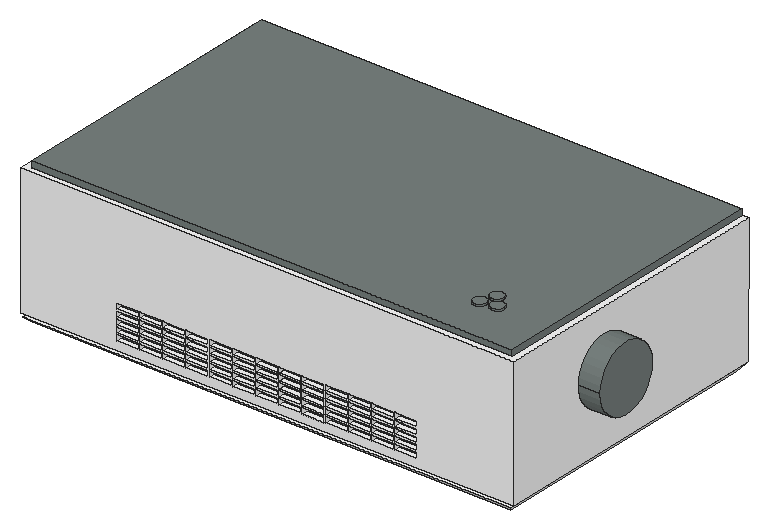
Revit family "AM 300 HHBDE", category Mechanical Equipment, Revit 2019
Family settings
  Round Connector Dimension = Use Diameter
  Part Type = Normal
  OmniClass Number = 23.75.00.00
  OmniClass Title = Climate Control (HVAC)
  Work Plane-Based = No
  Always vertical = Yes
  Cut with Voids When Loaded = No
  Shared = No
  Room Calculation Point = No
Parameters
  Weight (Standard Unit) = 85  # constant formula
  Water Heating [instance] = yes
  Water Heater Surface Return = 15 mm  # constant formula
  Water Heater Surface IN = 15 mm  # constant formula
  Version number = "1.0"
  URL = "www.airmaster-as.com"
  Total Width = 1180 mm  # constant formula
  Total Hight = 344 mm  # constant formula
  T-C Duct Supply = 187 mm  # constant formula
  T-C Duct Exhaust = 187 mm  # constant formula
  Suply Air In = 160 mm  # constant formula
  R-C Duct Supply = 133 mm  # constant formula
  Publication date = "01.05.2023"
  Phase 1 - Max Power Consumption = "1175 W"
  Phase 1 - Max Current = "7,97 A"
  Nominal current, electrical preheating surface = "4,35 A"
  Nominal current, electrical comfort heating surface = "2,17 A"
  Nominal current, air handling unit = "1,45 A"
  Network Conection = "AWG 24 CAT 5e STP"
  Model = "AM 300 HHBDE"
  Max. flow rate 35 dB(A) with ePM10 80% filters = 240.00 m³  # constant formula
  Max. flow rate 35 dB(A) with ePM10 55% filters = 270.00 m³  # constant formula
  Max. flow rate 35 dB(A) with ePM10 50% filters = 275.00 m³  # constant formula
  Max. flow rate 30 dB(A) with ePM10 80% filters = 180.00 m³  # constant formula
  Max. flow rate 30 dB(A) with ePM10 55% filters = 205.00 m³  # constant formula
  Max. flow rate 30 dB(A) with ePM10 50% filters = 210.00 m³  # constant formula
  Manufacturer = "Airmaster A/S"
  Maintenance [instance] = no
  L-C Duct Exhaust = 133 mm  # constant formula
  Extract air = 160 mm
  Exhaust Air = 160 mm  # constant formula
  Total Depth = 703 mm  # constant formula
  Electrical connection = "1 ~ 230 V / N / PE / 50 Hz"
  Drawn By = "LSB"
  Data Sheet = "https://www.airmaster-as.com/media/4938/15583-am300-en-rev-04.pdf"
  Condensate = 6 mm  # constant formula
  BMS Panel = "(PTS) 2x2x0,6"
  BMS Out = "(PTS) 2x2x0,6"
  BMS IN = "(PTS) 2x2x0,6"
  Airlow area [instance] = no
Reference planes
  plane 1 "Center (Front/Back)": y = 0
  plane 2: z = 0
  plane 3 "Center (Left/Right)": x = 0
  plane 4 "Center L/S": y = -703
  plane 5 "Center L/T": x = -590
  plane 6 "Center L/U": x = 590
  plane 7 "TOP": z = 344
  plane 8 "Center L/V": x = -575
  plane 9 "Center L/W": y = -688
  plane 10 "Center L/X": x = 575
  plane 11 "Panel Buttom": z = 20.747
  plane 12 "Panel Top": z = 330.347
  plane 13 "Hatch": z = 14.5
Forms (mm)
  Extrusion 1, solid, material "AM Grey"
    sketch origin (0, 0, 0) x (1, 0, 0) y (0, 1, 0)
      loop
        line (-575, 0) -> (-575, -688) -> (575, -688) -> (575, 0) -> (-575, 0)
    from 14.5 to 344
  Extrusion 2, solid, material "AM White"
    sketch origin (794.5, -1524, 20.747) x (0, -1, 0) y (-1, 0, 0)
      loop
        line (-1524, 1384.5) -> (-1524, 1369.5) -> (-836, 1369.5) -> (-836, 219.5) -> (-1524, 219.5) -> (-1524, 204.5) -> (-821, 204.5) -> (-821, 1384.5) -> (-1524, 1384.5)
    from 0 to -309.6
  Blend 3, solid, material "AM White"
    base sketch origin (-790.646, -1524, 14.5) x (0, -1, 0) y (1, 0, 0)
      loop
        line (-821, 207.613) -> (-821, 1373.657) -> (-1524, 1373.657) -> (-1524, 207.613) -> (-821, 207.613)
    top sketch origin (-790.646, -1524, 14.5) x (0, -1, 0) y (1, 0, 0)
      loop
        line (-836, 218.963) -> (-836, 1362.646) -> (-1509.161, 1362.646) -> (-1509.161, 218.963) -> (-836, 218.963)
    from 0 to -14.5
  Extrusion 4, solid, material "AM Grey"
    sketch origin (-575, 0, 0) x (1, 0, 0) y (0, 0, -1)
      loop
        circle (1032, -157) r 80
    from 0 to 18.45
  Extrusion 5, solid, material "AM Grey"
    sketch origin (-785, 0, 0) x (1, 0, 0) y (0, 0, -1)
      loop
        circle (328, -157) r 80
    from 0 to 18.45
  Extrusion 6, solid, material "Maintenece", visible <- "Maintenance"
    sketch origin (-790.646, -1524, 0) x (1, 0, 0) y (0, -1, 0)
      loop
        line (200.646, -1524) -> (1380.646, -1524) -> (1380.646, -821) -> (200.646, -821) -> (200.646, -1524)
    from 0 to 1200
  Extrusion 7, solid, material "AM Grey"
    sketch origin (0, 0, 344) x (1, 0, 0) y (0, 1, 0)
      loop
        circle (428.027, -549.273) r 15.55
    from 0 to 3
  Extrusion 8, solid, material "AM Grey"
    sketch origin (0, 0, 344) x (1, 0, 0) y (0, 1, 0)
      loop
        circle (452.132, -578.023) r 15.55
    from 0 to 3
  Extrusion 9, solid, material "AM Grey"
    sketch origin (0, 0, 344) x (1, 0, 0) y (0, 1, 0)
      loop
        circle (415.201, -584.535) r 15.55
    from 0 to 3
  Extrusion 10, void
    sketch origin (590, -703, 24.45) x (1, 0, 0) y (0, 0, -1)
      loop
        line (-950, -98.297) -> (-897.385, -98.297) -> (-897.385, -84.297) -> (-950, -84.297) -> (-950, -98.297)
      loop
        line (-950, -81.297) -> (-897.385, -81.297) -> (-897.385, -67.297) -> (-950, -67.297) -> (-950, -81.297)
      loop
        line (-950, -64.297) -> (-897.385, -64.297) -> (-897.385, -50.297) -> (-950, -50.297) -> (-950, -64.297)
      loop
        line (-950, -47.297) -> (-897.385, -47.297) -> (-897.385, -33.297) -> (-950, -33.297) -> (-950, -47.297)
      loop
        line (-950, -30.297) -> (-897.385, -30.297) -> (-897.385, -16.297) -> (-950, -16.297) -> (-950, -30.297)
      loop
        line (-894.385, -98.297) -> (-841.769, -98.297) -> (-841.769, -84.297) -> (-894.385, -84.297) -> (-894.385, -98.297)
      loop
        line (-894.385, -81.297) -> (-841.769, -81.297) -> (-841.769, -67.297) -> (-894.385, -67.297) -> (-894.385, -81.297)
      loop
        line (-894.385, -64.297) -> (-841.769, -64.297) -> (-841.769, -50.297) -> (-894.385, -50.297) -> (-894.385, -64.297)
      loop
        line (-894.385, -47.297) -> (-841.769, -47.297) -> (-841.769, -33.297) -> (-894.385, -33.297) -> (-894.385, -47.297)
      loop
        line (-894.385, -30.297) -> (-841.769, -30.297) -> (-841.769, -16.297) -> (-894.385, -16.297) -> (-894.385, -30.297)
      loop
        line (-838.769, -98.297) -> (-786.154, -98.297) -> (-786.154, -84.297) -> (-838.769, -84.297) -> (-838.769, -98.297)
      loop
        line (-838.769, -81.297) -> (-786.154, -81.297) -> (-786.154, -67.297) -> (-838.769, -67.297) -> (-838.769, -81.297)
      loop
        line (-838.769, -64.297) -> (-786.154, -64.297) -> (-786.154, -50.297) -> (-838.769, -50.297) -> (-838.769, -64.297)
      loop
        line (-838.769, -47.297) -> (-786.154, -47.297) -> (-786.154, -33.297) -> (-838.769, -33.297) -> (-838.769, -47.297)
      loop
        line (-838.769, -30.297) -> (-786.154, -30.297) -> (-786.154, -16.297) -> (-838.769, -16.297) -> (-838.769, -30.297)
      loop
        line (-783.154, -98.297) -> (-730.538, -98.297) -> (-730.538, -84.297) -> (-783.154, -84.297) -> (-783.154, -98.297)
      loop
        line (-783.154, -81.297) -> (-730.538, -81.297) -> (-730.538, -67.297) -> (-783.154, -67.297) -> (-783.154, -81.297)
      loop
        line (-783.154, -64.297) -> (-730.538, -64.297) -> (-730.538, -50.297) -> (-783.154, -50.297) -> (-783.154, -64.297)
      loop
        line (-783.154, -47.297) -> (-730.538, -47.297) -> (-730.538, -33.297) -> (-783.154, -33.297) -> (-783.154, -47.297)
      loop
        line (-783.154, -30.297) -> (-730.538, -30.297) -> (-730.538, -16.297) -> (-783.154, -16.297) -> (-783.154, -30.297)
      loop
        line (-727.538, -98.297) -> (-674.923, -98.297) -> (-674.923, -84.297) -> (-727.538, -84.297) -> (-727.538, -98.297)
      loop
        line (-727.538, -81.297) -> (-674.923, -81.297) -> (-674.923, -67.297) -> (-727.538, -67.297) -> (-727.538, -81.297)
      loop
        line (-727.538, -64.297) -> (-674.923, -64.297) -> (-674.923, -50.297) -> (-727.538, -50.297) -> (-727.538, -64.297)
      loop
        line (-727.538, -47.297) -> (-674.923, -47.297) -> (-674.923, -33.297) -> (-727.538, -33.297) -> (-727.538, -47.297)
      loop
        line (-727.538, -30.297) -> (-674.923, -30.297) -> (-674.923, -16.297) -> (-727.538, -16.297) -> (-727.538, -30.297)
      loop
        line (-671.923, -98.297) -> (-619.308, -98.297) -> (-619.308, -84.297) -> (-671.923, -84.297) -> (-671.923, -98.297)
      loop
        line (-671.923, -81.297) -> (-619.308, -81.297) -> (-619.308, -67.297) -> (-671.923, -67.297) -> (-671.923, -81.297)
      loop
        line (-671.923, -64.297) -> (-619.308, -64.297) -> (-619.308, -50.297) -> (-671.923, -50.297) -> (-671.923, -64.297)
      loop
        line (-671.923, -47.297) -> (-619.308, -47.297) -> (-619.308, -33.297) -> (-671.923, -33.297) -> (-671.923, -47.297)
      loop
        line (-671.923, -30.297) -> (-619.308, -30.297) -> (-619.308, -16.297) -> (-671.923, -16.297) -> (-671.923, -30.297)
      loop
        line (-616.308, -98.297) -> (-563.692, -98.297) -> (-563.692, -84.297) -> (-616.308, -84.297) -> (-616.308, -98.297)
      loop
        line (-616.308, -81.297) -> (-563.692, -81.297) -> (-563.692, -67.297) -> (-616.308, -67.297) -> (-616.308, -81.297)
      loop
        line (-616.308, -64.297) -> (-563.692, -64.297) -> (-563.692, -50.297) -> (-616.308, -50.297) -> (-616.308, -64.297)
      loop
        line (-616.308, -47.297) -> (-563.692, -47.297) -> (-563.692, -33.297) -> (-616.308, -33.297) -> (-616.308, -47.297)
      loop
        line (-616.308, -30.297) -> (-563.692, -30.297) -> (-563.692, -16.297) -> (-616.308, -16.297) -> (-616.308, -30.297)
      loop
        line (-560.692, -98.297) -> (-508.077, -98.297) -> (-508.077, -84.297) -> (-560.692, -84.297) -> (-560.692, -98.297)
      loop
        line (-560.692, -81.297) -> (-508.077, -81.297) -> (-508.077, -67.297) -> (-560.692, -67.297) -> (-560.692, -81.297)
      loop
        line (-560.692, -64.297) -> (-508.077, -64.297) -> (-508.077, -50.297) -> (-560.692, -50.297) -> (-560.692, -64.297)
      loop
        line (-560.692, -47.297) -> (-508.077, -47.297) -> (-508.077, -33.297) -> (-560.692, -33.297) -> (-560.692, -47.297)
      loop
        line (-560.692, -30.297) -> (-508.077, -30.297) -> (-508.077, -16.297) -> (-560.692, -16.297) -> (-560.692, -30.297)
      loop
        line (-505.077, -98.297) -> (-452.462, -98.297) -> (-452.462, -84.297) -> (-505.077, -84.297) -> (-505.077, -98.297)
      loop
        line (-505.077, -81.297) -> (-452.462, -81.297) -> (-452.462, -67.297) -> (-505.077, -67.297) -> (-505.077, -81.297)
      loop
        line (-505.077, -64.297) -> (-452.462, -64.297) -> (-452.462, -50.297) -> (-505.077, -50.297) -> (-505.077, -64.297)
      loop
        line (-505.077, -47.297) -> (-452.462, -47.297) -> (-452.462, -33.297) -> (-505.077, -33.297) -> (-505.077, -47.297)
      loop
        line (-505.077, -30.297) -> (-452.462, -30.297) -> (-452.462, -16.297) -> (-505.077, -16.297) -> (-505.077, -30.297)
      loop
        line (-449.462, -98.297) -> (-396.846, -98.297) -> (-396.846, -84.297) -> (-449.462, -84.297) -> (-449.462, -98.297)
      loop
        line (-449.462, -81.297) -> (-396.846, -81.297) -> (-396.846, -67.297) -> (-449.462, -67.297) -> (-449.462, -81.297)
      loop
        line (-449.462, -64.297) -> (-396.846, -64.297) -> (-396.846, -50.297) -> (-449.462, -50.297) -> (-449.462, -64.297)
      loop
        line (-449.462, -47.297) -> (-396.846, -47.297) -> (-396.846, -33.297) -> (-449.462, -33.297) -> (-449.462, -47.297)
      loop
        line (-449.462, -30.297) -> (-396.846, -30.297) -> (-396.846, -16.297) -> (-449.462, -16.297) -> (-449.462, -30.297)
      loop
        line (-393.846, -98.297) -> (-341.231, -98.297) -> (-341.231, -84.297) -> (-393.846, -84.297) -> (-393.846, -98.297)
      loop
        line (-393.846, -81.297) -> (-341.231, -81.297) -> (-341.231, -67.297) -> (-393.846, -67.297) -> (-393.846, -81.297)
      loop
        line (-393.846, -64.297) -> (-341.231, -64.297) -> (-341.231, -50.297) -> (-393.846, -50.297) -> (-393.846, -64.297)
      loop
        line (-393.846, -47.297) -> (-341.231, -47.297) -> (-341.231, -33.297) -> (-393.846, -33.297) -> (-393.846, -47.297)
      loop
        line (-393.846, -30.297) -> (-341.231, -30.297) -> (-341.231, -16.297) -> (-393.846, -16.297) -> (-393.846, -30.297)
      loop
        line (-338.231, -98.297) -> (-285.615, -98.297) -> (-285.615, -84.297) -> (-338.231, -84.297) -> (-338.231, -98.297)
      loop
        line (-338.231, -81.297) -> (-285.615, -81.297) -> (-285.615, -67.297) -> (-338.231, -67.297) -> (-338.231, -81.297)
      loop
        line (-338.231, -64.297) -> (-285.615, -64.297) -> (-285.615, -50.297) -> (-338.231, -50.297) -> (-338.231, -64.297)
      loop
        line (-338.231, -47.297) -> (-285.615, -47.297) -> (-285.615, -33.297) -> (-338.231, -33.297) -> (-338.231, -47.297)
      loop
        line (-338.231, -30.297) -> (-285.615, -30.297) -> (-285.615, -16.297) -> (-338.231, -16.297) -> (-338.231, -30.297)
      loop
        line (-282.615, -98.297) -> (-230, -98.297) -> (-230, -84.297) -> (-282.615, -84.297) -> (-282.615, -98.297)
      loop
        line (-282.615, -81.297) -> (-230, -81.297) -> (-230, -67.297) -> (-282.615, -67.297) -> (-282.615, -81.297)
      loop
        line (-282.615, -64.297) -> (-230, -64.297) -> (-230, -50.297) -> (-282.615, -50.297) -> (-282.615, -64.297)
      loop
        line (-282.615, -47.297) -> (-230, -47.297) -> (-230, -33.297) -> (-282.615, -33.297) -> (-282.615, -47.297)
      loop
        line (-282.615, -30.297) -> (-230, -30.297) -> (-230, -16.297) -> (-282.615, -16.297) -> (-282.615, -30.297)
    from 0 to 15
  Extrusion 11, solid, material "AM Grey", visible <- "Water Heating"
    sketch origin (-575, -688, 0) x (0, 1, 0) y (0, 0, -1)
      loop
        circle (325.216, -242.139) r 15.55
    from 0 to 36
  Extrusion 12, solid, material "AM Grey", visible <- "Water Heating"
    sketch origin (-575, -836.92, 39.903) x (0, 1, 0) y (0, 0, -1)
      loop
        circle (325.216, -242.139) r 15.55
    from 0 to 36
  Extrusion 13, solid, material "AM Grey"
    sketch origin (590, 0, 20.747) x (0, -1, 0) y (0, 0, -1)
      loop
        circle (433, -174.253) r 78
    from 0 to 54
Cuts and joins
  Extrusion 10 cuts Extrusion 1
  Extrusion 10 cuts Extrusion 2
Dimensions and locks
  "Total Depth": plane 4 "Center L/S" to plane 1 "Center (Front/Back)"
  equal spacing: plane 5 "Center L/T", plane 3 "Center (Left/Right)", plane 6 "Center L/U"
  "Total Width": plane 5 "Center L/T" to plane 6 "Center L/U"
  "Total Hight": plane 7 "TOP" to level
  locked: plane 10 "Center L/X" to plane 6 "Center L/U" at 15
  locked: plane 4 "Center L/S" to plane 9 "Center L/W" at 15
  locked: plane 5 "Center L/T" to plane 8 "Center L/V" at 15
  Extrusion 1 to Blend 3 sketch curve = 14.839 mm
  "R-C Duct Supply": plane 6 "Center L/U" to Extrusion 4 sketch curve
  "T-C Duct Exhaust": Extrusion 5 sketch curve to plane 7 "TOP"
  "L-C Duct Exhaust": Extrusion 5 sketch curve to plane 5 "Center L/T"
  "T-C Duct Supply": plane 7 "TOP" to Extrusion 4 sketch curve
  plane 7 "TOP" to Extrusion 13 sketch curve = 149 mm
  Extrusion 13 sketch curve to plane 1 "Center (Front/Back)" = 433 mm
  "Suply Air In": diameter of Extrusion 4 sketch curve
  "Exhaust Air": diameter of Extrusion 5 sketch curve
  aligned and locked: level to plane 2
  aligned and locked: plane 1 "Center (Front/Back)" to Extrusion 1 sketch curve
  aligned and locked: plane 8 "Center L/V" to Extrusion 1 sketch curve
  aligned and locked: Extrusion 1 sketch curve to plane 9 "Center L/W"
  aligned and locked: Extrusion 1 sketch curve to plane 10 "Center L/X"
  aligned and locked: plane 7 "TOP" to Extrusion 1
  aligned and locked: plane 5 "Center L/T" to Extrusion 2 sketch curve
  aligned and locked: plane 4 "Center L/S" to Extrusion 2 sketch curve
  aligned and locked: plane 6 "Center L/U" to Extrusion 2 sketch curve
  aligned and locked: Extrusion 2 sketch curve to Extrusion 1  (x3)
  aligned and locked: plane 1 "Center (Front/Back)" to Extrusion 2 sketch curve
  aligned and locked: Extrusion 2 to plane 12 "Panel Top"
  aligned and locked: Blend 3 to plane 2
  aligned and locked: plane 13 "Hatch" to Extrusion 1
Automatic sketch dimensions
  plane 1 "Center (Front/Back)" to Extrusion 2 sketch curve = 0 mm
  plane 1 "Center (Front/Back)" to Blend 3 sketch curve = 0 mm
  plane 4 "Center L/S" to Blend 3 sketch curve = 0 mm
  plane 5 "Center L/T" to Blend 3 sketch curve = 6.967 mm
  Blend 3 sketch curve to plane 6 "Center L/U" = 6.989 mm
  plane 9 "Center L/W" to Blend 3 sketch curve = 0 mm
  plane 8 "Center L/V" to Blend 3 sketch curve = 3.316 mm
  Blend 3 sketch curve to plane 10 "Center L/X" = 3 mm
  Extrusion 6 sketch curve to Blend 3 = 18.316 mm
  Extrusion 6 sketch curve to Blend 3 = 18 mm
  Extrusion 6 sketch curve to Blend 3 = 15 mm
  Extrusion 6 sketch curve to Blend 3 = 14.839 mm
  Extrusion 7 sketch curve to Extrusion 1 = 146.973 mm
  Extrusion 7 sketch curve to Extrusion 1 = 138.727 mm
  Extrusion 8 sketch curve to Extrusion 1 = 122.868 mm
  Extrusion 8 sketch curve to Extrusion 1 = 109.977 mm
  Extrusion 9 sketch curve to Extrusion 1 = 159.799 mm
  Extrusion 9 sketch curve to Extrusion 1 = 103.465 mm
  Extrusion 10 sketch curve to Extrusion 2 = 102 mm  (x2)
  Extrusion 10 sketch curve to Extrusion 2 = 230 mm
  Extrusion 10 sketch curve to Extrusion 2 = 20 mm
  Extrusion 10 sketch curve to Extrusion 10 sketch curve = 0 mm  (x115)
  Extrusion 10 sketch curve to Extrusion 10 sketch curve = 52.615 mm  (x13)
  Extrusion 10 sketch curve to Extrusion 10 sketch curve = 3 mm  (x88)
  Extrusion 10 sketch curve to Extrusion 10 sketch curve = 14 mm  (x40)
  Extrusion 1 to Extrusion 11 sketch curve = 101.861 mm
  Extrusion 11 sketch curve to Extrusion 1 = 325.216 mm
  Extrusion 1 to Extrusion 12 sketch curve = 61.958 mm
  Extrusion 12 sketch curve to Extrusion 1 = 176.296 mm
  radius of Extrusion 7 sketch curve = 15.55 mm
  radius of Extrusion 8 sketch curve = 15.55 mm
  radius of Extrusion 9 sketch curve = 15.55 mm
  radius of Extrusion 11 sketch curve = 15.55 mm
  radius of Extrusion 12 sketch curve = 15.55 mm
  radius of Extrusion 13 sketch curve = 78 mm
Nested families
  nested 1: "Model Label 2019" at (0, -361.924, 0), Label <- "Model", type "Model Label 2019"
    with Label "AM 300 HHBDE"
  nested 2: "indblæssymbol" at (0, -803, 0) x (0, -1, 0) z (0, 0, 1), type "indblæssymbol"
    with dX_ 609 mm, dX 609 mm, ang2D 0.00°
Connectors
  electrical at (428.027, -549.273, 344)
    settings: on Extrusion 7, index 13, voltage 230 V, apparent load 0 VA, apparent load phase1 0 VA, apparent load phase2 0 VA, apparent load phase3 0 VA, power factor 0.55, load classification "Other", number of poles 1, system type 30, power factor state 1, is connector primary yes, connector utility no, sub classification motor no, connector description ""
  electrical at (452.132, -578.023, 344), driven by "BMS Out"
    settings: on Extrusion 8, index 14, voltage 0 V, apparent load 0 VA, apparent load phase1 0 VA, apparent load phase2 0 VA, apparent load phase3 0 VA, power factor 1, load classification "Other", number of poles 1, system type 5, power factor state 1, is connector primary no, connector utility no, sub classification motor no, connector description "(PTS) 2x2x0,6"
  electrical at (415.201, -584.535, 344), driven by "BMS IN"
    settings: on Extrusion 9, index 15, voltage 0 V, apparent load 0 VA, apparent load phase1 0 VA, apparent load phase2 0 VA, apparent load phase3 0 VA, power factor 1, load classification "Other", number of poles 1, system type 5, power factor state 1, is connector primary no, connector utility no, sub classification motor no, connector description "(PTS) 2x2x0,6"
  piping at (-611, -362.784, 242.139), diameter 15, driven by "Water Heater Surface IN"
    settings: on Extrusion 11, index 16, connector inside diameter 609.6 mm, connector length 0 mm, flow factor 0, pipe flow 0.0 L/s, pressure drop 0.0 Pa, fitting loss kfactor 0, connector angle 0.00°, fixture units 0, engagement length 0 mm, angle of deflection 0.00°, flow configuration 0, flow direction 0, fitting loss method 0, system type 19, joint type 0, gender type 0, connector reference index -1, connector utility 0, adjustable connector no, is connector primary yes, connector description ""
  piping at (-611, -511.704, 282.042), diameter 15, driven by "Water Heater Surface IN"
    settings: on Extrusion 12, index 17, connector inside diameter 609.6 mm, connector length 0 mm, flow factor 0, pipe flow 0.0 L/s, pressure drop 0.0 Pa, fitting loss kfactor 0, connector angle 0.00°, fixture units 0, engagement length 0 mm, angle of deflection 0.00°, flow configuration 0, flow direction 0, fitting loss method 0, system type 19, joint type 0, gender type 0, connector reference index -1, connector utility 0, adjustable connector no, is connector primary no, connector description ""
  hvac at (457, 0, 157), driven by "Suply Air In"
    settings: on Extrusion 4, index 19, duct flow 0.0 L/s, flow factor 0, pres drop 0.0 Pa, loss coef 0, conn angle 0.00°, conn width 304.8 mm, conn height 304.8 mm, conn diameter 160 mm, duct sys type 3, conn prof type 0, flow config 0, flow direction 2, loss method 0, conn ref index -1, conn util no, is conn primary yes, conn desc ""
  hvac at (-457, 0, 157), driven by "Exhaust Air"
    settings: on Extrusion 5, index 20, duct flow 0.0 L/s, flow factor 0, pres drop 0.0 Pa, loss coef 0, conn angle 0.00°, conn width 304.8 mm, conn height 304.8 mm, conn diameter 160 mm, duct sys type 1, conn prof type 0, flow config 0, flow direction 1, loss method 0, conn ref index -1, conn util no, is conn primary no, conn desc ""
  hvac at (590, -433, 195), driven by "Extract air"
    settings: on Extrusion 13, index 21, duct flow 0.0 L/s, flow factor 0, pres drop 0.0 Pa, loss coef 0, conn angle 0.00°, conn width 304.8 mm, conn height 304.8 mm, conn diameter 160 mm, duct sys type 2, conn prof type 0, flow config 0, flow direction 0, loss method 0, conn ref index -1, conn util no, is conn primary no, conn desc ""
Definition of nested family "Model Label 2019"
  Parameters (values of type "Model Label 2019")
    Label [instance] = ""
  Reference planes
    plane 1: y = 0
    plane 2: x = 0
  Text (mm)
    label "Label" at (-0.131, 0.049, 0), shows "Label"
Definition of nested family "indblæssymbol"
  Parameters (values of type "indblæssymbol")
    dX_ [instance] = if(dX = 0 mm, 1 mm, dX)  # 609 mm
    dX [instance] = 609 mm
    ang2D [instance] = 0.00°
    Type Comments = "DO NOT CHANGE dX value from 608 mm ( 2 ft )"
    Afstand pil = 50 mm
  Reference planes
    plane 1 "Center (Front/Back)": y = 0
    plane 2: z = 0
    plane 3 "Center (Left/Right)": x = 0
  Lines and regions (mm)
    Filled region 1, type "Concrete", in view "Ref. Level"
      outline origin (50.005, 0, 0) x (1, 0, 0) y (0, 1, 0)
        loop
          line (399.995, 0.414) -> (301.442, 17.365) -> (301.588, -17.365) -> (399.995, 0.414)
    reference lines, in view "Ref. Level"
      curve 1: line (50, 134.129, 0) -> (50, -145.871, 0)
    detail lines, in view "Ref. Level"
      curve 2: line (351.52, 0, 0) -> (50, 0, 0)
  Dimensions and locks
    "Afstand pil": plane 3 "Center (Left/Right)" to curve 1
    curve 1 to Filled region 1 = 400 mm
  Automatic sketch dimensions
    Filled region 1 sketch curve to plane 1 "Center (Front/Back)" = 0.414 mm
    plane 3 "Center (Left/Right)" to Filled region 1 sketch curve = 450 mm
    plane 1 "Center (Front/Back)" to Filled region 1 sketch curve = 17.365 mm
    Filled region 1 sketch curve to Filled region 1 sketch curve = 98.407 mm
    Filled region 1 sketch curve to plane 1 "Center (Front/Back)" = 17.365 mm
    Filled region 1 sketch curve to Filled region 1 sketch curve = 0.146 mm
    plane 1 "Center (Front/Back)" to curve 2 = 0 mm
    plane 3 "Center (Left/Right)" to curve 2 = 50 mm
    curve 2 to curve 2 = 301.52 mm
    plane 1 "Center (Front/Back)" to curve 1 = 145.871 mm
    curve 1 to plane 1 "Center (Front/Back)" = 134.129 mm
